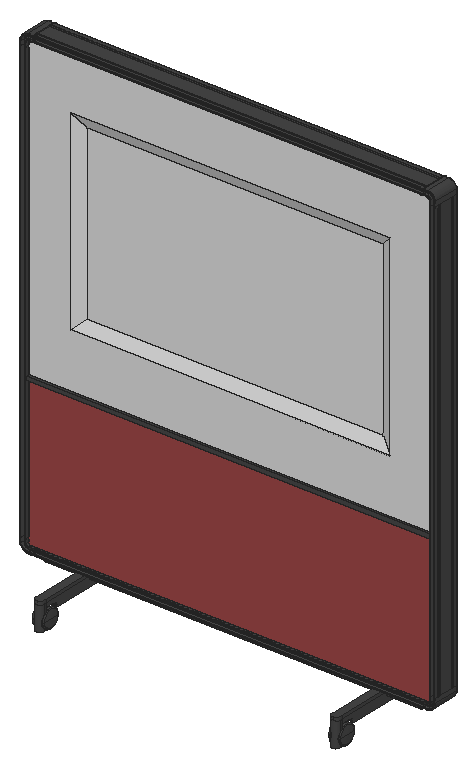
Revit family "DBLTD_TheSenatorGroup_PrvcyScrn_AdaptWall_Media_US_v2", category Furniture, Revit 2020 (continued)
Definition of nested family "DBLTD_TheSenatorGroup_OffcStrg_AdaptWall_Frame"
  Automatic sketch dimensions
    Sweep 22 sketch curve to Sweep 22 sketch curve = 0.219 mm  (x3)
    Sweep 22 sketch curve to Sweep 22 sketch curve = 1.02 mm  (x2)
    Sweep 22 sketch curve to Sweep 22 sketch curve = 10 mm  (x2)
    profile plane to Sweep 22 sketch curve = 175.276 mm
    Sweep 22 sketch curve to Sweep 22 sketch curve = 0 mm  (x2)
    Sweep 22 sketch curve to Sweep 22 sketch curve = 1.116 mm  (x2)
    Sweep 22 sketch curve to Sweep 22 sketch curve = 9.465 mm
    Sweep 22 sketch curve to Sweep 22 sketch curve = 0.512 mm
    Sweep 22 sketch curve to Sweep 22 sketch curve = 4.997 mm
    Sweep 22 sketch curve to Sweep 22 sketch curve = 4.8 mm  (x2)
    Sweep 22 sketch curve to Sweep 22 sketch curve = 57.352 mm
    Sweep 22 sketch curve to Sweep 22 sketch curve = 3.509 mm
    Sweep 22 sketch curve to Sweep 22 sketch curve = 1.488 mm  (x2)
    Sweep 22 sketch curve to Sweep 22 sketch curve = 9.593 mm  (x2)
    Sweep 22 sketch curve to Sweep 22 sketch curve = 0.384 mm  (x2)
    radius of Extrusion 4 sketch curve = 17.494 mm
    radius of Extrusion 5 sketch curve = 17.494 mm
    radius of Extrusion 14 sketch curve = 17.494 mm
    radius of Extrusion 15 sketch curve = 17.494 mm
Definition of nested family "DBLTD_TheSenatorGroup_OffcStrg_AdaptWall_ScreenMedia"
  Parameters (values of type "Fabric with MFC")
    URL = ""
    Type Comments = ""
    ScreenPanelMaterial = none
    ScreenMaterial [instance] = none
    PanelMaterial [instance] = none
    Model = ""
    Manufacturer = ""
    Keynote = ""
    IsFabric = yes
    IsDrywipe = no
    FrameWidth [instance] = 1650 mm
    FrameMaterial [instance] = none
    Description = ""
    Default Elevation = 0 mm
    Cost = 0
    BottomMFC = yes
    BottomFabric = no
  Types (4, lengths in mm): name | IsFabric | IsDrywipe | FrameWidth | BottomMFC | BottomFabric
    Drywipe with Fabric | no | yes | 1250 | no | yes
    Fabric with Fabric | yes | no | 1250 | no | yes
    Drywipe with MFC | no | yes | 1250 | yes | no
    Fabric with MFC | yes | no | 1650 | yes | no
  Reference planes
    plane 1: z = 0
    plane 2 "Center (Left/Right)": x = 0
    plane 3: y = -229
    plane 4: x = -776.25
    plane 5: x = 776.25
    plane 6: x = -825
    plane 7: x = 825
    plane 8: x = -601.881
    plane 9: x = -576.119
    plane 10: x = 601.881
    plane 11: x = 576.119
  Forms (mm)
    Extrusion 1, solid, material <- "FrameMaterial"
      sketch origin (0, 0, 0) x (1, 0, 0) y (0, 0, 1)
        loop
          line (-802.4, 729.508) -> (802.4, 729.508) -> (802.4, 745.068) -> (-802.4, 745.068) -> (-802.4, 729.508)
      from 175.276 to 282.724
    Extrusion 2, solid, material <- "ScreenMaterial"
      sketch origin (0, 0, 0) x (1, 0, 0) y (0, 0, 1)
        loop
          line (-802.4, 1934.91) -> (-802.4, 745.068) -> (802.4, 745.068) -> (802.4, 1934.91)
          arc (802.4, 1934.91) -> (800.233, 1940.143) -> (795, 1942.31) r 7.4
          line (795, 1942.31) -> (-795, 1942.31)
          arc (-795, 1942.31) -> (-800.233, 1940.143) -> (-802.4, 1934.91) r 7.4
      from 229 to 270.143
    Extrusion 3, solid, material <- "ScreenMaterial", visible <- "IsFabric"
      sketch origin (0, -458, 0) x (1, 0, 0) y (0, 0, -1)
        loop
          arc (-802.4, -1934.91) -> (-800.233, -1940.143) -> (-795, -1942.31) r 7.4
          line (-795, -1942.31) -> (795, -1942.31)
          arc (795, -1942.31) -> (800.233, -1940.143) -> (802.4, -1934.91) r 7.4
          line (802.4, -1934.91) -> (802.4, -745.068) -> (-802.4, -745.068) -> (-802.4, -1934.91)
      from 229 to 270.143
    Extrusion 4, solid, material <- "ScreenPanelMaterial", visible <- "IsDrywipe"
      sketch origin (0, -458, 0) x (1, 0, 0) y (0, 0, -1)
        loop
          arc (-802.4, -1934.91) -> (-800.233, -1940.143) -> (-795, -1942.31) r 7.4
          line (-795, -1942.31) -> (795, -1942.31)
          arc (795, -1942.31) -> (800.233, -1940.143) -> (802.4, -1934.91) r 7.4
          line (802.4, -1934.91) -> (802.4, -745.068) -> (-802.4, -745.068) -> (-802.4, -1934.91)
      from 229 to 270.143
    Extrusion 5, solid, material <- "ScreenMaterial", visible <- "BottomFabric"
      sketch origin (0, -458, 2081.065) x (1, 0, 0) y (0, 0, -1)
        loop
          line (-802.4, 1934.91) -> (-802.4, 1351.556) -> (802.4, 1351.556) -> (802.4, 1934.91)
          arc (802.4, 1934.91) -> (800.233, 1940.143) -> (795, 1942.31) r 7.4
          line (795, 1942.31) -> (-795, 1942.31)
          arc (-795, 1942.31) -> (-800.233, 1940.143) -> (-802.4, 1934.91) r 7.4
      from 187.857 to 270.143
    Extrusion 6, solid, material <- "PanelMaterial", visible <- "BottomMFC"
      sketch origin (0, -458, 2081.065) x (1, 0, 0) y (0, 0, -1)
        loop
          line (-802.4, 1934.91) -> (-802.4, 1351.556) -> (802.4, 1351.556) -> (802.4, 1934.91)
          arc (802.4, 1934.91) -> (800.233, 1940.143) -> (795, 1942.31) r 7.4
          line (795, 1942.31) -> (-795, 1942.31)
          arc (-795, 1942.31) -> (-800.233, 1940.143) -> (-802.4, 1934.91) r 7.4
      from 187.857 to 270.143
    Blend 7, void
      base sketch origin (0, 0, 0) x (1, 0, 0) y (0, 0, 1)
        loop
          line (-587.601, 1688.244) -> (-587.601, 1006.776) -> (589.601, 1006.776) -> (589.601, 1688.244) -> (-587.601, 1688.244)
      top sketch origin (0, 0, 0) x (1, 0, 0) y (0, 0, 1)
        loop
          line (-633.563, 1734.205) -> (-633.563, 960.814) -> (635.563, 960.814) -> (635.563, 1734.205) -> (-633.563, 1734.205)
      from 245.39 to 270.143
  Cuts and joins
    Blend 7 cuts Extrusion 2
    Blend 7 cuts Extrusion 3
    Blend 7 cuts Extrusion 4
  Dimensions and locks
    equal spacing: plane 6, plane 2 "Center (Left/Right)", plane 7
    "FrameWidth": plane 6 to plane 7
    locked: plane 6 to plane 4 at 48.75
    locked: plane 7 to plane 5 at 48.75
    locked: plane 9 to plane 8 at 25.762
    locked: plane 8 to plane 4 at 174.369
    locked: plane 11 to plane 10 at 25.762
    locked: plane 10 to plane 5 at 174.369
    aligned and locked: level to plane 1
  Automatic sketch dimensions
    Extrusion 1 sketch curve to plane 6 = 22.6 mm
    Extrusion 1 sketch curve to plane 7 = 22.6 mm
    level to Extrusion 1 sketch curve = 729.508 mm
    Extrusion 1 sketch curve to Extrusion 1 sketch curve = 15.559 mm
    Extrusion 2 sketch curve to plane 6 = 22.6 mm
    Extrusion 2 sketch curve to Extrusion 2 sketch curve = 7.4 mm
    plane 5 to Extrusion 2 sketch curve = 18.75 mm
    Extrusion 2 sketch curve to plane 7 = 22.6 mm
    level to Extrusion 2 sketch curve = 745.068 mm
    Extrusion 2 sketch curve to Extrusion 2 sketch curve = 1189.842 mm
    Extrusion 3 sketch curve to plane 6 = 22.6 mm
    Extrusion 3 sketch curve to Extrusion 3 sketch curve = 7.4 mm
    plane 5 to Extrusion 3 sketch curve = 18.75 mm
    Extrusion 3 sketch curve to plane 7 = 22.6 mm
    level to Extrusion 3 sketch curve = 1942.31 mm
    level to Extrusion 3 sketch curve = 745.068 mm
    Extrusion 4 sketch curve to plane 6 = 22.6 mm
    Extrusion 4 sketch curve to Extrusion 4 sketch curve = 7.4 mm
    plane 5 to Extrusion 4 sketch curve = 18.75 mm
    Extrusion 4 sketch curve to plane 7 = 22.6 mm
    level to Extrusion 4 sketch curve = 1942.31 mm
    level to Extrusion 4 sketch curve = 745.068 mm
    Extrusion 5 sketch curve to plane 6 = 22.6 mm
    Extrusion 5 sketch curve to Extrusion 5 sketch curve = 7.4 mm
    plane 5 to Extrusion 5 sketch curve = 18.75 mm
    Extrusion 5 sketch curve to plane 7 = 22.6 mm
    level to Extrusion 5 sketch curve = 729.508 mm
    level to Extrusion 5 sketch curve = 146.155 mm
    plane 4 to Extrusion 6 sketch curve = 26.15 mm
    Extrusion 6 sketch curve to Extrusion 6 sketch curve = 7.4 mm
    Extrusion 6 sketch curve to plane 7 = 30 mm
    Extrusion 6 sketch curve to plane 7 = 22.6 mm
    level to Extrusion 6 sketch curve = 729.508 mm
    level to Extrusion 6 sketch curve = 146.155 mm
    Blend 7 sketch curve to plane 9 = 11.482 mm
    plane 10 to Blend 7 sketch curve = 12.28 mm
    level to Blend 7 sketch curve = 1006.776 mm
    Blend 7 sketch curve to Blend 7 sketch curve = 681.468 mm
    Blend 7 sketch curve to plane 8 = 31.682 mm
    Blend 7 sketch curve to plane 10 = 33.682 mm
    level to Blend 7 sketch curve = 960.814 mm
    Blend 7 sketch curve to Blend 7 sketch curve = 773.392 mm
Types (5, lengths in mm): name | Type Comments | Size | ScreenType | NominalWidth | NominalLength | ModelReference | ModelNumber | Model | DimensionsPlanSize | Description
  (no name) | "Media Unit Fabric Upper Panels, MFC Lower Panels 65\" Wide" | "L 20.87\" x  W 64.96\" x  H 77.36\"" | DBLTD_TheSenatorGroup_OffcStrg_AdaptWall_ScreenMedia : Fabric with MFC | 1650 | 1650 | "Media Unit Fabric Upper Panels, MFC Lower Panels 65\" Wide" | "AW7865MFM" | "AW7865MFM" | "64.96 x 20.87" | "Media Unit Fabric Upper Panels, MFC Lower Panels 65\" Wide"
  Media Unit Fabric Upper Panels, Fabric Lower Panels 50" Wide | "Media Unit Fabric Upper Panels, Fabric Lower Panels 50\" Wide" | "L 20.87\" x  W 49.21\" x  H 77.36\"" | DBLTD_TheSenatorGroup_OffcStrg_AdaptWall_ScreenMedia : Fabric with Fabric | 1250 | 1250 | "Media Unit Fabric Upper Panels, Fabric Lower Panels 50\" Wide" | "AW7850FFM" | "AW7850FFM" | "49.21 x 20.87" | "Media Unit Fabric Upper Panels, Fabric Lower Panels 50\" Wide"
  Media Unit Fabric Upper Panels, Fabric Lower Panels 65" Wide | "Media Unit Fabric Upper Panels, Fabric Lower Panels 65\" Wide" | "L 20.87\" x  W 64.96\" x  H 77.36\"" | DBLTD_TheSenatorGroup_OffcStrg_AdaptWall_ScreenMedia : Fabric with Fabric | 1650 | 1650 | "Media Unit Fabric Upper Panels, Fabric Lower Panels 65\" Wide" | "AW7865FFM" | "AW7865FFM" | "64.96 x 20.87" | "Media Unit Fabric Upper Panels, Fabric Lower Panels 65\" Wide"
  Media Unit Fabric Upper Panels, MFC Lower Panels 65" Wide | "Media Unit Fabric Upper Panels, MFC Lower Panels 65\" Wide" | "L 20.87\" x  W 64.96\" x  H 77.36\"" | DBLTD_TheSenatorGroup_OffcStrg_AdaptWall_ScreenMedia : Fabric with MFC | 1650 | 1650 | "Media Unit Fabric Upper Panels, MFC Lower Panels 65\" Wide" | "AW7865MFM" | "AW7865MFM" | "64.96 x 20.87" | "Media Unit Fabric Upper Panels, MFC Lower Panels 65\" Wide"
  Media Unit Fabric Upper Panels, MFC Lower Panels 50" Wide | "Media Unit Fabric Upper Panels, MFC Lower Panels 50\" Wide" | "L 20.87\" x  W 49.21\" x  H 77.36\"" | DBLTD_TheSenatorGroup_OffcStrg_AdaptWall_ScreenMedia : Fabric with MFC | 1250 | 1250 | "Media Unit Fabric Upper Panels, MFC Lower Panels 50\" Wide" | "AW7850MFM" | "AW7850MFM" | "49.21 x 20.87" | "Media Unit Fabric Upper Panels, MFC Lower Panels 50\" Wide"
